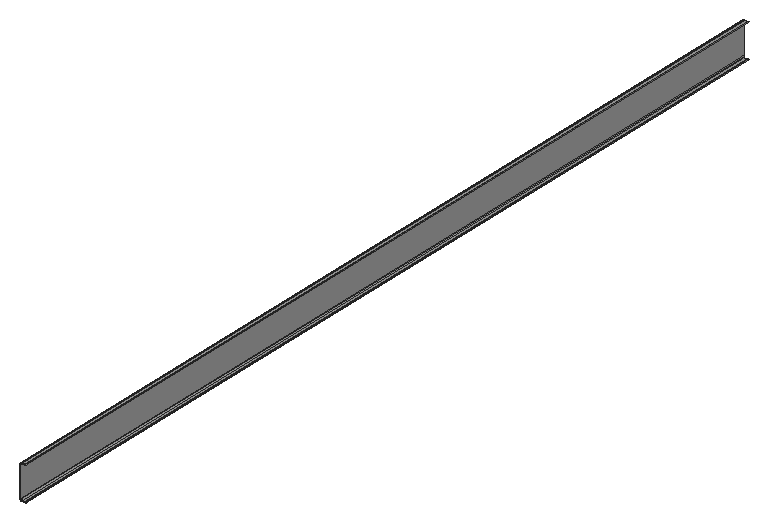
Revit family "Oberteil GA-OTRW", category Generic Models, Revit 2017
Family settings
  Can host rebar = No
  Round Connector Dimension = Use Diameter
  Part Type = Normal
  Work Plane-Based = No
  Always vertical = Yes
  Cut with Voids When Loaded = No
  Shared = No
  Room Calculation Point = No
Parameters (values of type "GA-OTRW")
  URL = "http://www.obo-bettermann.com"
  Material = Aluminium
  Manufacturer Art.No. = "6279720"
  Manufacturer = "OBO BETTERMANN"
  Length = 2000 mm
  GTIN = "4012195770084"
  Article Type = "GA-OTRW"
Reference planes
  plane 1 "Center (Front/Back)": y = 0
  plane 2: z = 0
  plane 3 "Center (Left/Right)": x = 0
  plane 4: z = 76.5
  plane 5: x = 12.2
  plane 6: x = 12.2
  plane 7: z = 2.2
  plane 8: x = 1.273
  plane 9: z = 38.25
  plane 10: x = 1.273
  plane 11: y = 2000
Forms (mm)
  Extrusion 1, solid, material "Aluminium" <- "Material"
    sketch origin (0, 0, 0) x (1, 0, 0) y (0, 0, 1)
      loop
        line (0, 73.5) -> (0, 3)
        arc (0, 3) -> (0.879, 0.879) -> (3, 0) r 3
        line (3, 0) -> (11.544, 0)
        arc (11.544, 0) -> (12.072, 0.275) -> (12.15, 0.866) r 0.646
        line (12.15, 0.866) -> (11.665, 2.2) -> (10.814, 2.2) -> (11.105, 1.4) -> (3.273, 1.4)
        arc (3.273, 1.4) -> (1.859, 1.986) -> (1.273, 3.4) r 2
        arc (1.273, 3.4) -> (1.33, 4.069) -> (1.5, 4.718) r 3.946
        line (1.5, 4.718) -> (1.5, 71.782)
        arc (1.5, 71.782) -> (1.33, 72.431) -> (1.273, 73.1) r 3.946
        arc (1.273, 73.1) -> (1.859, 74.514) -> (3.273, 75.1) r 2
        line (3.273, 75.1) -> (11.105, 75.1) -> (10.814, 74.3) -> (11.665, 74.3) -> (12.15, 75.634)
        arc (12.15, 75.634) -> (12.072, 76.225) -> (11.544, 76.5) r 0.646
        line (11.544, 76.5) -> (3, 76.5)
        arc (3, 76.5) -> (0.879, 75.621) -> (0, 73.5) r 3
    from 0 to -2000
Dimensions and locks
  locked: plane 7 to Extrusion 1 sketch curve at 2.2
  Extrusion 1 sketch curve to Extrusion 1 sketch curve = 11.544 mm
  plane 9 to level = 38.25 mm
  locked: Extrusion 1 sketch curve to Extrusion 1 sketch curve at 1.4
  locked: Extrusion 1 sketch curve to Extrusion 1 sketch curve at 1.5
  locked: Extrusion 1 sketch curve to Extrusion 1 sketch curve at 12.189  (x2)
  locked: Extrusion 1 sketch curve to Extrusion 1 sketch curve at 0.8  (x2)
  locked: Extrusion 1 sketch curve to Extrusion 1 sketch curve at 2.2
  locked: plane 4 to Extrusion 1 sketch curve at 2.2
  Extrusion 1 sketch curve to Extrusion 1 sketch curve = 2.2 mm
  locked: plane 1 "Center (Front/Back)" to plane 11 at 2000
  locked: Extrusion 1 sketch curve to Extrusion 1 sketch curve (angle 70.00°)
  aligned and locked: level to plane 2
  aligned and locked: plane 7 to Extrusion 1 sketch curve
  aligned and locked: Extrusion 1 to plane 3 "Center (Left/Right)"
  aligned and locked: plane 1 "Center (Front/Back)" to Extrusion 1
Automatic sketch dimensions
  Extrusion 1 sketch curve to plane 3 "Center (Left/Right)" = 0 mm
  Extrusion 1 sketch curve to plane 8 = 0 mm  (x4)
  Extrusion 1 sketch curve to plane 4 = 0 mm
  plane 7 to Extrusion 1 sketch curve = 0.8 mm
  plane 8 to Extrusion 1 sketch curve = 1.727 mm
  Extrusion 1 sketch curve to Extrusion 1 sketch curve = 0.273 mm  (x2)
  Extrusion 1 sketch curve to Extrusion 1 sketch curve = 1.946 mm  (x2)
  Extrusion 1 sketch curve to Extrusion 1 sketch curve = 0.291 mm
  Extrusion 1 sketch curve to plane 4 = 0.646 mm
  Extrusion 1 sketch curve to plane 5 = 0.535 mm
  Extrusion 1 sketch curve to Extrusion 1 sketch curve = 0 mm
